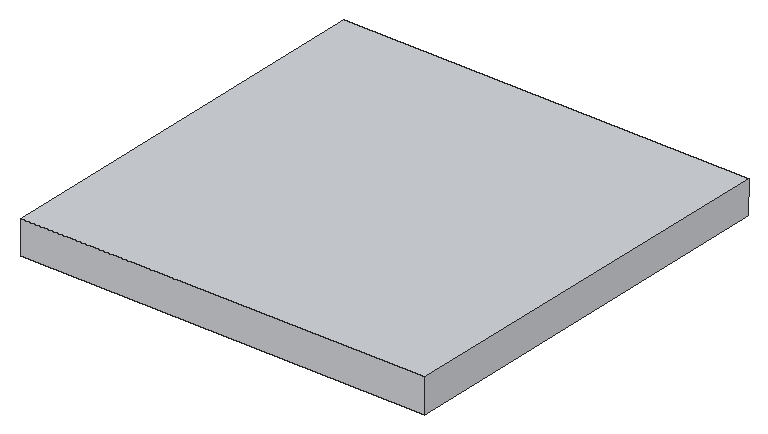
Revit family "f31611bebff24b3d8903ae3239025547", category Mechanical Equipment, host Face, Revit 2021
Family settings
  Host = Face
  Round Connector Dimension = Use Diameter
  Part Type = Normal
  OmniClass Number = 23.75.70.21.27
  OmniClass Title = Air Outlets and Inlets
  Seek Item ID = Rectangular Duct Connector - Supply Air - Mechanical Equipment-0000-USA-ENU
  Cut with Voids When Loaded = No
  Shared = No
  Room Calculation Point = No
Parameters (values of type "Standard")
  Width [instance] = 12"
  Thickness [instance] = 1"
  Height [instance] = 12"
  Flow [instance] = 100 CFM
  Default Elevation = 0' - 0"
  Assembly Code = ""
Reference planes (in)
  plane 1 "Center (Front/Back)": y = 0
  plane 2: z = 0
  plane 3 "Center (Left/Right)": x = 0
Forms (in)
  Sweep 1, solid
    path in 3D
      loop
        line (0, 0, 0) -> (0, 0, 1)
    profile "Duct - Rectangular : Duct - Rectangular" origin (0, 0, 0.5) x (0, -1, 0) y (1, 0, 0)
      loop
        line (-6, 6) -> (-6, -6) -> (6, -6) -> (6, 6) -> (-6, 6)
Lines and regions (in)
  reference lines
    curve 1: line (0, 0, 0) -> (0, 0, 1)
  sketch lines
    curve 2: line (0, 0, 0) -> (0, 0, 1)
Dimensions and locks (in)
  "Thickness": curve 1 to curve 1
  aligned and locked: plane 2 to host face
  aligned and locked: level to host face
  aligned and locked: host face to curve 1
  aligned and locked: curve 1 to plane 1 "Center (Front/Back)"
Automatic sketch dimensions
  host sketch curve to host sketch curve = 8' - 0"  (x2)
Connectors (in)
  hvac at (0, 0, 1), driven by "Height", driven by "Width", driven by "Flow"
    settings: on Sweep 1, index 1, duct flow 100 CFM, flow factor 0, pres drop 0.00 in-wg, loss coef 0, conn angle 0.00°, conn width 12", conn height 12", conn diameter 24", duct sys type 1, conn prof type 1, flow config 1, flow direction 1, loss method 0, conn ref index -1, conn util no, is conn primary yes, conn desc ""
